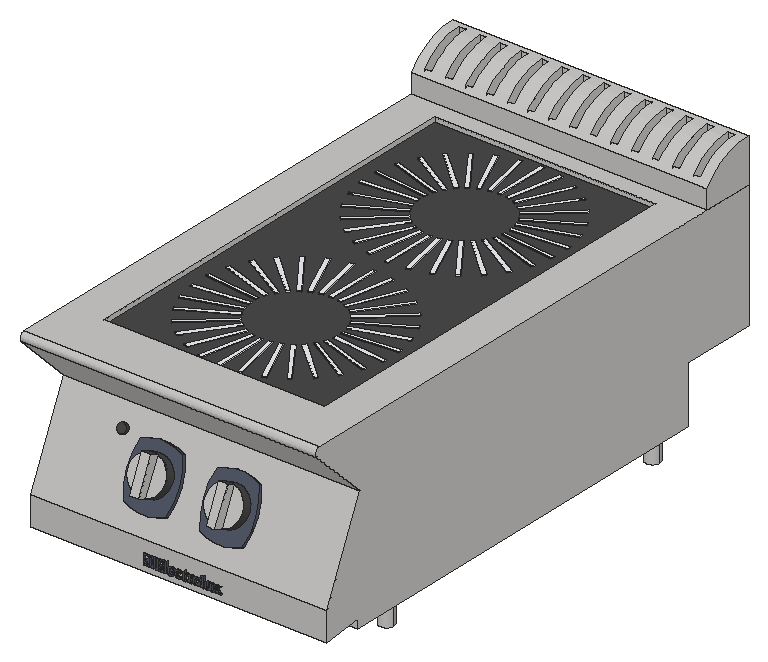
Revit family "QF_ELECTROLUXPROFESSIONAL_371133_E7IRED200N", category Specialty Equipment, Revit 2018
Family settings
  Round Connector Dimension = Use Diameter
  Part Type = Normal
  Work Plane-Based = No
  Always vertical = Yes
  Cut with Voids When Loaded = No
  Shared = No
  Room Calculation Point = No
Parameters
  Width = 400 mm  # constant formula
  Weight in Pounds = 33  # constant formula
  Watts = 4400 VA  # 4400 W
  Volts = 230 V  # constant formula
  URL Cutsheet = "www.electrolux.com/foodservice"
  URL = "www.electrolux.com/foodservice"
  Type Mark [instance] = ""
  Status [instance] = ""
  Specification by User [instance] = ""
  Specification by Manufacturer = ""
  Show Logo [instance] = yes
  Show Clearance [instance] = yes
  Serial Number = ""
  Seismic Rating = ""
  SMACNA No = ""
  Revision Code [instance] = ""
  Phase = 3  # constant formula
  Omniclass Number and Title = ""
  Number of Poles [instance] = 1
  NAFEM Spec ID Number = ""
  Model = "371033"
  Min Ckt Ampacity = 0 A
  Max Overcurrent Protection = 0 A
  Masterspec = ""
  Manufacturer = "ELECTROLUX"
  Item Number [instance] = ""
  Installed By [instance] = ""
  Identify Quantity as Lot [instance] = yes
  Height = 332 mm  # constant formula
  HP = "5.9 HP"
  Furnished By [instance] = ""
  Foodservice Equipment Identifier [instance] = yes
  FL Amps = if(Phase = 3, Watts / (Volts * 1.73), Watts / Volts)  # 11.0581 A
  Electrical Remarks [instance] = "230 V/3 ph/50/60 Hz"  # constant formula
  Electric Connection Type [instance] = ""
  Elec Conn RI Height [instance] = 0 mm
  Elec Conn Connection Height [instance] = 0 mm
  Direct Waste Size = 0"
  Description = "700XP 2 Zone Electric Infrared Cooking Top Range - 230V"
  Depth = 730 mm  # constant formula
  Cycle = if([60 Hertz Option], 60 Hz, 50 Hz)  # 60 Hz
  Conn Plug = ""
  Conn Conduit = yes
  CSI MasterFormat = ""
  CSI Master Format = ""
  Base Height [instance] = 24 mm  # constant formula
  Apparent Power = if(Phase = 3, Volts * FL Amps * 1.73, Volts * FL Amps)  # 4400 VA
  60 Hertz Option = not([50 Hertz Option])  # yes
  50 Hertz Option = no
Reference planes
  plane 1 "BACK": y = 0
  plane 2: z = 0
  plane 3 "LEFT": x = 0
  plane 4 "RIGHT": x = 400
  plane 5 "FRONT": y = -730
  plane 6 "TOP": z = 332
  plane 7 "Center Y": x = 200
  plane 8 "Center X": y = -365
  plane 9 "BASE": z = 24
  plane 10 "TOP A": z = 273.238
  plane 11: y = -597.884
  plane 12: y = -147.637
Forms (mm)
  Extrusion 1, solid, material "QF_Finishes_Stainless Steel"
    sketch origin (0, 0, 0) x (0, 1, 0) y (0, 0, 1)
      loop
        line (0, 273.237) -> (-725.027, 273.237)
        arc (-725.027, 273.237) -> (-730.893, 269.318) -> (-729.517, 262.397) r 6.35
        line (-729.517, 262.397) -> (-657.416, 190.047) -> (-713.522, 69.19) -> (-713.522, 31.09) -> (-660.4, 36.7) -> (-660.4, 24) -> (-101.6, 24) -> (-101.6, 101.788) -> (0, 101.788) -> (0, 273.237)
    from 0 to 400
  Extrusion 2, solid, material "QF_Finishes_Stainless Steel"
    sketch origin (0, 0, 0) x (0, 1, 0) y (0, 0, 1)
      loop
        line (0, 273.237) -> (0, 332)
        arc (0, 332) -> (-38.885, 323.609) -> (-69.85, 298.638) r 86.116
        line (-69.85, 298.638) -> (-69.85, 273.237) -> (0, 273.237)
    from 0 to 400
  Extrusion 3, void
    sketch origin (0, 0, 273.238) x (-1, 0, 0) y (0, -1, 0)
      loop
        line (-50, 93.262) -> (-50, 653.262) -> (-350, 653.262) -> (-350, 93.262) -> (-50, 93.262)
    from 0 to -6.35
  Extrusion 4, void
    sketch origin (0, 0, 273.238) x (-1, 0, 0) y (0, -1, 0)
      loop
        line (-13.453, 6.761) -> (-13.453, 63.911) -> (-22.749, 63.911) -> (-22.749, 6.761) -> (-13.453, 6.761)
    from 25.4 to 63.5
  Extrusion 5, void
    sketch origin (400.05, 0, 273.237) x (1, 0, 0) y (0, 1, 0)
      loop
        line (-13.503, -6.761) -> (-22.799, -6.761) -> (-22.799, -63.911) -> (-13.503, -63.911) -> (-13.503, -6.761)
    from 25.4 to 63.5
  Extrusion 6, void
    sketch origin (27.988, 0, 273.238) x (-1, 0, 0) y (0, -1, 0)
      loop
        line (-13.453, 6.761) -> (-13.453, 63.911) -> (-22.749, 63.911) -> (-22.749, 6.761) -> (-13.453, 6.761)
    from 25.4 to 63.5
  Extrusion 7, void
    sketch origin (55.977, 0, 273.238) x (-1, 0, 0) y (0, -1, 0)
      loop
        line (-13.453, 6.761) -> (-13.453, 63.911) -> (-22.749, 63.911) -> (-22.749, 6.761) -> (-13.453, 6.761)
    from 25.4 to 63.5
  Extrusion 8, void
    sketch origin (83.965, 0, 273.238) x (-1, 0, 0) y (0, -1, 0)
      loop
        line (-13.428, 6.761) -> (-13.428, 63.911) -> (-22.724, 63.911) -> (-22.724, 6.761) -> (-13.428, 6.761)
    from 25.4 to 63.5
  Extrusion 9, void
    sketch origin (111.953, 0, 273.238) x (-1, 0, 0) y (0, -1, 0)
      loop
        line (-13.428, 6.761) -> (-13.428, 63.911) -> (-22.724, 63.911) -> (-22.724, 6.761) -> (-13.428, 6.761)
    from 25.4 to 63.5
  Extrusion 10, void
    sketch origin (139.942, 0, 273.237) x (-1, 0, 0) y (0, -1, 0)
      loop
        line (-13.428, 6.761) -> (-13.428, 63.911) -> (-22.724, 63.911) -> (-22.724, 6.761) -> (-13.428, 6.761)
    from 25.4 to 63.5
  Extrusion 11, void
    sketch origin (167.93, 0, 273.237) x (-1, 0, 0) y (0, -1, 0)
      loop
        line (-13.428, 6.761) -> (-13.428, 63.911) -> (-22.724, 63.911) -> (-22.724, 6.761) -> (-13.428, 6.761)
    from 25.4 to 63.5
  Extrusion 12, void
    sketch origin (195.918, 0, 273.237) x (-1, 0, 0) y (0, -1, 0)
      loop
        line (-13.428, 6.761) -> (-13.428, 63.911) -> (-22.724, 63.911) -> (-22.724, 6.761) -> (-13.428, 6.761)
    from 25.4 to 63.5
  Extrusion 13, void
    sketch origin (223.907, 0, 273.237) x (-1, 0, 0) y (0, -1, 0)
      loop
        line (-13.428, 6.761) -> (-13.428, 63.911) -> (-22.724, 63.911) -> (-22.724, 6.761) -> (-13.428, 6.761)
    from 25.4 to 63.5
  Extrusion 14, void
    sketch origin (251.895, 0, 273.237) x (-1, 0, 0) y (0, -1, 0)
      loop
        line (-13.428, 6.761) -> (-13.428, 63.911) -> (-22.724, 63.911) -> (-22.724, 6.761) -> (-13.428, 6.761)
    from 25.4 to 63.5
  Extrusion 15, void
    sketch origin (279.884, 0, 273.237) x (-1, 0, 0) y (0, -1, 0)
      loop
        line (-13.403, 6.761) -> (-13.403, 63.911) -> (-22.699, 63.911) -> (-22.699, 6.761) -> (-13.403, 6.761)
    from 25.4 to 63.5
  Extrusion 16, void
    sketch origin (307.872, 0, 273.237) x (-1, 0, 0) y (0, -1, 0)
      loop
        line (-13.403, 6.761) -> (-13.403, 63.911) -> (-22.699, 63.911) -> (-22.699, 6.761) -> (-13.403, 6.761)
    from 25.4 to 63.5
  Extrusion 17, void
    sketch origin (335.86, 0, 273.237) x (-1, 0, 0) y (0, -1, 0)
      loop
        line (-13.403, 6.761) -> (-13.403, 63.911) -> (-22.699, 63.911) -> (-22.699, 6.761) -> (-13.403, 6.761)
    from 25.4 to 63.5
  Extrusion 18, solid, material "QF_Finishes_Stainless Steel"
    sketch origin (0, 0, 0) x (1, 0, 0) y (0, 1, 0)
      loop
        circle (11.112, -147.638) r 9.525
      loop
        circle (11.112, -597.884) r 9.525
      loop
        circle (388.887, -147.638) r 9.525
      loop
        circle (388.887, -597.884) r 9.525
    from 0 to 24
  Extrusion 19, solid, material "QF_Finishes_Navy Blue"
    sketch origin (-15.325, -713.522, 69.19) x (0, 0.421077, 0.907025) y (-1, 0, 0)
      loop
        arc (101.077, -132.565) -> (66.2, -125.548) -> (31.333, -132.61) r 89.894
        arc (31.333, -132.61) -> (24.638, -161.14) -> (31.333, -189.671) r 64.14
        arc (31.333, -189.671) -> (66.2, -196.736) -> (101.077, -189.715) r 89.853
        arc (101.077, -189.715) -> (107.792, -161.14) -> (101.077, -132.565) r 64.16
    from 0 to 3.175
  Extrusion 20, solid, material "QF_Finishes_Stainless Steel"
    sketch origin (-15.325, -716.402, 70.527) x (0, 0.421077, 0.907025) y (-1, 0, 0)
      loop
        circle (68.826, -160.963) r 25.4
    from 0 to 12.7
  Extrusion 21, solid, material "QF_Finishes_Stainless Steel"
    sketch origin (-15.325, -727.921, 75.875) x (0, 0.421077, 0.907025) y (-1, 0, 0)
      loop
        arc (93.558, -166.749) -> (94.226, -160.963) -> (93.558, -155.177) r 25.4
        line (93.558, -155.177) -> (44.094, -155.177)
        arc (44.094, -155.177) -> (43.426, -160.963) -> (44.094, -166.749) r 25.4
        line (44.094, -166.749) -> (93.558, -166.749)
    from 0 to 12.7
  Extrusion 22, solid, material "QF_Finishes_Black"
    sketch origin (-70, -709.311, 78.261) x (0, 0.421077, 0.907025) y (-1, 0, 0)
      loop
        circle (93.566, -160.648) r 6.35
    from 0 to 3.175
  Extrusion 23, solid, material "QF_Finishes_Stainless Steel"
    sketch origin (0, -101.6, 101.788) x (0, 0, -1) y (-1, 0, 0)
      loop
        circle (43.882, -336.5) r 12.7
    from 0 to 12.7
  Extrusion 24, solid, material "QF_Finishes_Clearance", visible <- "Show Clearance", detail levels coarse
    sketch origin (0, 0, 0) x (1, 0, 0) y (0, 1, 0)
      loop
        line (0, -731.377) -> (0, 0) -> (400, 0) -> (400, -731.377) -> (550.019, -731.377) -> (550.019, 150.019) -> (-150.019, 150.019) -> (-150.019, -731.377) -> (0, -731.377)
    from 0 to 332
  Extrusion 25, solid, material "QF_Finishes_Navy Blue", visible <- "Show Logo"
    sketch origin (-134.192, -713.772, 32.49) x (0, 0, 1) y (-1, 0, 0)
      loop
        line (20.674, -296.698) -> (8.307, -296.698)
        arc (8.307, -296.698) -> (14.491, -301.27) -> (20.674, -296.698) r 6.467
      loop
        arc (20.674, -296.069) -> (19.505, -290.926) -> (14.849, -288.448) r 6.338
        line (14.849, -288.448) -> (14.849, -290.494)
        arc (14.849, -290.494) -> (16.333, -294.149) -> (19.778, -296.069) r 5.941
        line (19.778, -296.069) -> (20.674, -296.069)
      loop
        arc (9.203, -296.069) -> (12.648, -294.149) -> (14.132, -290.494) r 5.941
        line (14.132, -290.494) -> (14.132, -288.448)
        arc (14.132, -288.448) -> (9.438, -290.922) -> (8.148, -296.069) r 6.504
        line (8.148, -296.069) -> (9.203, -296.069)
      loop
        line (21.349, -287.979) -> (7.604, -287.979) -> (7.604, -301.742) -> (21.349, -301.742) -> (21.349, -287.979)
      loop
        arc (21.432, -304.71) -> (21.085, -304.352) -> (20.718, -304.69) r 0.358
        arc (20.718, -304.69) -> (20.404, -305.44) -> (19.687, -305.825) r 1.216
        line (19.687, -305.825) -> (9.274, -305.825)
        arc (9.274, -305.825) -> (8.614, -305.548) -> (8.218, -304.951) r 1.238
        arc (8.218, -304.951) -> (7.823, -304.7) -> (7.518, -305.054) r 0.358
        line (7.518, -305.054) -> (7.518, -314.933) -> (10.269, -314.933) -> (10.269, -314.036)
        arc (10.269, -314.036) -> (9.36, -313.456) -> (8.904, -312.479) r 1.928
        line (8.904, -312.479) -> (8.904, -309.98)
        arc (8.904, -309.98) -> (9.18, -309.251) -> (9.868, -308.887) r 1.101
        line (9.868, -308.887) -> (13.955, -308.887) -> (13.955, -312.561)
        arc (13.955, -312.561) -> (13.602, -313.058) -> (13.037, -313.286) r 1.083
        arc (13.037, -313.286) -> (12.773, -313.591) -> (13.065, -313.869) r 0.292
        line (13.065, -313.869) -> (16.028, -313.869)
        arc (16.028, -313.869) -> (16.33, -313.596) -> (16.092, -313.266) r 0.305
        arc (16.092, -313.266) -> (15.601, -313.018) -> (15.296, -312.561) r 1.083
        line (15.296, -312.561) -> (15.296, -308.887) -> (19.973, -308.887) -> (19.973, -312.635)
        arc (19.973, -312.635) -> (19.759, -313.39) -> (19.153, -313.888) r 1.314
        arc (19.153, -313.888) -> (18.934, -314.292) -> (19.288, -314.585) r 0.361
        line (19.288, -314.585) -> (21.432, -314.585) -> (21.432, -304.71)
      loop
        arc (20.715, -315.365) -> (20.335, -316.284) -> (19.416, -316.664) r 1.299
        line (19.416, -316.664) -> (9.837, -316.664)
        arc (9.837, -316.664) -> (8.999, -316.286) -> (8.728, -315.408) r 1.118
        line (8.728, -315.408) -> (7.518, -315.408) -> (7.518, -320.758) -> (8.706, -320.758)
        arc (8.706, -320.758) -> (8.978, -319.841) -> (9.848, -319.445) r 1.153
        line (9.848, -319.445) -> (21.92, -319.445) -> (20.715, -315.365)
      loop
        line (12.483, -323.394) -> (12.483, -329.842) -> (13.282, -329.842)
        arc (13.282, -329.842) -> (15.862, -328.857) -> (17.131, -326.404) r 3.874
        line (17.131, -326.404) -> (17.131, -324.643)
        arc (17.131, -324.643) -> (15.944, -321.778) -> (13.08, -320.592) r 4.051
        line (13.08, -320.592) -> (11.072, -320.592)
        arc (11.072, -320.592) -> (8.253, -322.077) -> (7.202, -325.084) r 4.352
        arc (7.202, -325.084) -> (7.566, -327.547) -> (8.943, -329.621) r 5.713
        line (8.943, -329.621) -> (9.892, -329.621)
        arc (9.892, -329.621) -> (9.16, -328.052) -> (8.943, -326.334) r 5.579
        arc (8.943, -326.334) -> (9.737, -324.371) -> (11.616, -323.394) r 3.057
        line (11.616, -323.394) -> (12.483, -323.394)
      loop
        line (13.742, -323.394) -> (13.742, -326.977)
        arc (13.742, -326.977) -> (15.199, -327.024) -> (16.082, -325.864) r 1.59
        line (16.082, -325.864) -> (16.082, -325.034)
        arc (16.082, -325.034) -> (15.217, -323.779) -> (13.742, -323.394) r 2.184
      loop
        arc (16.533, -339.259) -> (17.022, -337.585) -> (17.179, -335.848) r 9.023
        line (17.179, -335.848) -> (17.179, -334.486)
        arc (17.179, -334.486) -> (16.02, -331.686) -> (13.22, -330.527) r 3.959
        line (13.22, -330.527) -> (10.62, -330.527)
        arc (10.62, -330.527) -> (8.338, -331.819) -> (7.221, -334.192) r 4.331
        line (7.221, -334.192) -> (7.221, -336.327)
        arc (7.221, -336.327) -> (7.729, -337.877) -> (8.651, -339.223) r 5.772
        arc (8.651, -339.223) -> (9.412, -339.274) -> (9.499, -338.515) r 0.553
        arc (9.499, -338.515) -> (9.111, -337.781) -> (8.977, -336.962) r 2.573
        line (8.977, -336.962) -> (8.977, -335.447)
        arc (8.977, -335.447) -> (9.983, -333.806) -> (11.798, -333.163) r 2.884
        line (11.798, -333.163) -> (13.077, -333.163)
        arc (13.077, -333.163) -> (14.898, -333.723) -> (15.824, -335.388) r 2.554
        line (15.824, -335.388) -> (15.824, -336.441)
        arc (15.824, -336.441) -> (15.493, -337.369) -> (14.836, -338.104) r 2.564
        arc (14.836, -338.104) -> (14.614, -338.821) -> (15.223, -339.259) r 0.643
        line (15.223, -339.259) -> (16.533, -339.259)
      loop
        line (15.515, -339.53) -> (15.515, -341.031) -> (9.467, -341.031)
        arc (9.467, -341.031) -> (7.879, -341.688) -> (7.221, -343.276) r 2.246
        line (7.221, -343.276) -> (7.221, -344.86)
        arc (7.221, -344.86) -> (7.535, -345.725) -> (8.035, -346.496) r 4.06
        arc (8.035, -346.496) -> (8.768, -346.629) -> (9.019, -345.928) r 0.576
        arc (9.019, -345.928) -> (8.913, -345.403) -> (8.977, -344.87) r 1.69
        arc (8.977, -344.87) -> (9.519, -344.082) -> (10.425, -343.779) r 1.506
        line (10.425, -343.779) -> (15.563, -343.779) -> (15.563, -346.176) -> (16.119, -346.733) -> (16.941, -346.733) -> (16.941, -343.873) -> (20.172, -343.873) -> (15.515, -339.53)
      loop
        line (7.438, -347.63) -> (7.438, -353.017) -> (8.548, -353.017)
        arc (8.548, -353.017) -> (8.942, -352.066) -> (9.893, -351.672) r 1.345
        line (9.893, -351.672) -> (13.509, -351.672)
        arc (13.509, -351.672) -> (14.274, -352.264) -> (14.564, -353.186) r 1.615
        line (14.564, -353.186) -> (14.564, -354.742) -> (17.119, -355.427) -> (17.119, -354.044) -> (15.177, -351.485) -> (17.057, -351.485) -> (16.773, -348.779)
        arc (16.773, -348.779) -> (16.333, -348.249) -> (15.674, -348.45) r 0.621
        arc (15.674, -348.45) -> (15.274, -348.792) -> (14.78, -348.975) r 1.501
        line (14.78, -348.975) -> (9.893, -348.975)
        arc (9.893, -348.975) -> (8.942, -348.581) -> (8.548, -347.63) r 1.345
        line (8.548, -347.63) -> (7.438, -347.63)
      loop
        line (13.54, -354.964) -> (10.848, -354.964)
        arc (10.848, -354.964) -> (8.403, -356.272) -> (7.269, -358.803) r 4.288
        arc (7.269, -358.803) -> (7.205, -360.183) -> (7.269, -361.563) r 15.022
        arc (7.269, -361.563) -> (8.403, -364.094) -> (10.848, -365.401) r 4.288
        line (10.848, -365.401) -> (13.54, -365.401)
        arc (13.54, -365.401) -> (15.986, -364.094) -> (17.119, -361.563) r 4.288
        arc (17.119, -361.563) -> (17.183, -360.183) -> (17.119, -358.803) r 15.022
        arc (17.119, -358.803) -> (15.986, -356.272) -> (13.54, -354.964) r 4.288
      loop
        line (13.745, -358.078) -> (10.643, -358.078)
        arc (10.643, -358.078) -> (8.486, -360.235) -> (10.643, -362.392) r 2.157
        line (10.643, -362.392) -> (13.745, -362.392)
        arc (13.745, -362.392) -> (15.902, -360.235) -> (13.745, -358.078) r 2.157
      loop
        arc (20.726, -365.26) -> (20.355, -366.154) -> (19.461, -366.524) r 1.264
        line (19.461, -366.524) -> (9.597, -366.524)
        arc (9.597, -366.524) -> (8.727, -366.127) -> (8.455, -365.211) r 1.153
        line (8.455, -365.211) -> (7.518, -365.211) -> (7.518, -370.319) -> (8.446, -370.319)
        arc (8.446, -370.319) -> (8.805, -369.547) -> (9.597, -369.232) r 1.153
        line (9.597, -369.232) -> (21.92, -369.232) -> (20.726, -365.26)
      loop
        arc (15.846, -369.857) -> (15.647, -370.921) -> (14.678, -371.403) r 1.215
        line (14.678, -371.403) -> (9.658, -371.403)
        arc (9.658, -371.403) -> (8.043, -372.051) -> (7.322, -373.634) r 2.338
        line (7.322, -373.634) -> (7.322, -375.148)
        arc (7.322, -375.148) -> (7.497, -376.152) -> (7.999, -377.038) r 2.979
        line (7.999, -377.038) -> (7.518, -378.835) -> (7.518, -380.524) -> (16.943, -380.524) -> (16.649, -376.32) -> (15.863, -376.32)
        arc (15.863, -376.32) -> (15.507, -377.156) -> (14.755, -377.665) r 1.605
        line (14.755, -377.665) -> (9.652, -377.665)
        arc (9.652, -377.665) -> (9.232, -376.728) -> (9.159, -375.704) r 2.94
        arc (9.159, -375.704) -> (9.72, -374.603) -> (10.873, -374.16) r 1.724
        line (10.873, -374.16) -> (17.07, -374.16) -> (15.846, -369.857)
      loop
        line (16.874, -381.377) -> (15.202, -383.423) -> (12.028, -385.729) -> (8.572, -382.617)
        arc (8.572, -382.617) -> (8.335, -382.223) -> (8.357, -381.764) r 0.789
        line (8.357, -381.764) -> (7.518, -381.764) -> (7.518, -385.309) -> (8.344, -385.309)
        arc (8.344, -385.309) -> (8.686, -384.947) -> (9.176, -385.039) r 0.52
        line (9.176, -385.039) -> (10.976, -386.51) -> (8.858, -387.886)
        arc (8.858, -387.886) -> (8.457, -387.576) -> (8.37, -387.076) r 0.7
        line (8.37, -387.076) -> (7.518, -387.076) -> (7.518, -393.003) -> (8.405, -393.003)
        arc (8.405, -393.003) -> (8.472, -392.344) -> (8.866, -391.813) r 1.247
        line (8.866, -391.813) -> (13.066, -388.532) -> (15.513, -390.585) -> (16.874, -392.327) -> (16.874, -388.604) -> (15.389, -389.026) -> (13.868, -387.749) -> (15.568, -386.559) -> (16.874, -387.336) -> (16.874, -381.377)
    from 0 to 1.644
  Extrusion 26, solid, material "QF_Finishes_White"
    sketch origin (0, 0, 266.887) x (-1, 0, 0) y (0, -1, 0)
      loop
        line (-196.926, 361.478) -> (-201.926, 361.478) -> (-201.926, 288.082) -> (-196.926, 288.082) -> (-196.926, 361.478)
    from 0 to 0.8
  Extrusion 27, solid, material "QF_Finishes_White"
    sketch origin (52.177, 36.558, 266.887) x (-0.978148, 0.207912, 0) y (-0.207912, -0.978148, 0)
      loop
        line (-196.926, 361.478) -> (-201.926, 361.478) -> (-201.926, 288.082) -> (-196.926, 288.082) -> (-196.926, 361.478)
    from 0 to 0.8
  Extrusion 28, solid, material "QF_Finishes_White"
    sketch origin (-43.436, -46.607, 266.887) x (-0.978148, -0.207912, 0) y (0.207912, -0.978148, 0)
      loop
        line (-196.926, 361.478) -> (-201.926, 361.478) -> (-201.926, 288.082) -> (-196.926, 288.082) -> (-196.926, 361.478)
    from 0 to 0.8
  Extrusion 29, solid, material "QF_Finishes_White"
    sketch origin (-76.233, -101.226, 266.887) x (-0.913545, -0.406737, 0) y (0.406737, -0.913545, 0)
      loop
        line (-196.926, 361.478) -> (-201.926, 361.478) -> (-201.926, 288.082) -> (-196.926, 288.082) -> (-196.926, 361.478)
    from 0 to 0.8
  Extrusion 30, solid, material "QF_Finishes_White"
    sketch origin (-96.957, -161.471, 266.887) x (-0.809017, -0.587785, 0) y (0.587785, -0.809017, 0)
      loop
        line (-196.926, 361.478) -> (-201.926, 361.478) -> (-201.926, 288.082) -> (-196.926, 288.082) -> (-196.926, 361.478)
    from 0 to 0.8
  Extrusion 31, solid, material "QF_Finishes_White"
    sketch origin (-104.703, -224.708, 266.887) x (-0.669131, -0.743145, 0) y (0.743145, -0.669131, 0)
      loop
        line (-196.926, 361.478) -> (-201.926, 361.478) -> (-201.926, 288.082) -> (-196.926, 288.082) -> (-196.926, 361.478)
    from 0 to 0.8
  Extrusion 32, solid, material "QF_Finishes_White"
    sketch origin (-99.132, -288.174, 266.887) x (-0.5, -0.866025, 0) y (0.866025, -0.5, 0)
      loop
        line (-196.926, 361.478) -> (-201.926, 361.478) -> (-201.926, 288.082) -> (-196.926, 288.082) -> (-196.926, 361.478)
    from 0 to 0.8
  Extrusion 33, solid, material "QF_Finishes_White"
    sketch origin (-80.487, -349.094, 266.887) x (-0.309017, -0.951057, 0) y (0.951057, -0.309017, 0)
      loop
        line (-196.926, 361.478) -> (-201.926, 361.478) -> (-201.926, 288.082) -> (-196.926, 288.082) -> (-196.926, 361.478)
    from 0 to 0.8
  Extrusion 34, solid, material "QF_Finishes_White"
    sketch origin (-49.583, -404.807, 266.887) x (-0.104528, -0.994522, 0) y (0.994522, -0.104528, 0)
      loop
        line (-196.926, 361.478) -> (-201.926, 361.478) -> (-201.926, 288.082) -> (-196.926, 288.082) -> (-196.926, 361.478)
    from 0 to 0.8
  Extrusion 35, solid, material "QF_Finishes_White"
    sketch origin (-7.772, -452.877, 266.887) x (0.104528, -0.994522, 0) y (0.994522, 0.104528, 0)
      loop
        line (-196.926, 361.478) -> (-201.926, 361.478) -> (-201.926, 288.082) -> (-196.926, 288.082) -> (-196.926, 361.478)
    from 0 to 0.8
  Extrusion 36, solid, material "QF_Finishes_White"
    sketch origin (43.12, -491.203, 266.887) x (0.309017, -0.951057, 0) y (0.951057, 0.309017, 0)
      loop
        line (-196.926, 361.478) -> (-201.926, 361.478) -> (-201.926, 288.082) -> (-196.926, 288.082) -> (-196.926, 361.478)
    from 0 to 0.8
  Extrusion 37, solid, material "QF_Finishes_White"
    sketch origin (100.868, -518.111, 266.887) x (0.5, -0.866025, 0) y (0.866025, 0.5, 0)
      loop
        line (-196.926, 361.478) -> (-201.926, 361.478) -> (-201.926, 288.082) -> (-196.926, 288.082) -> (-196.926, 361.478)
    from 0 to 0.8
  Extrusion 38, solid, material "QF_Finishes_White"
    sketch origin (162.949, -532.424, 266.887) x (0.669131, -0.743145, 0) y (0.743145, 0.669131, 0)
      loop
        line (-196.926, 361.478) -> (-201.926, 361.478) -> (-201.926, 288.082) -> (-196.926, 288.082) -> (-196.926, 361.478)
    from 0 to 0.8
  Extrusion 39, solid, material "QF_Finishes_White"
    sketch origin (226.65, -533.518, 266.887) x (0.809017, -0.587785, 0) y (0.587785, 0.809017, 0)
      loop
        line (-196.926, 361.478) -> (-201.926, 361.478) -> (-201.926, 288.082) -> (-196.926, 288.082) -> (-196.926, 361.478)
    from 0 to 0.8
  Extrusion 40, solid, material "QF_Finishes_White"
    sketch origin (289.185, -521.343, 266.887) x (0.913545, -0.406737, 0) y (0.406737, 0.913545, 0)
      loop
        line (-196.926, 361.478) -> (-201.926, 361.478) -> (-201.926, 288.082) -> (-196.926, 288.082) -> (-196.926, 361.478)
    from 0 to 0.8
  Extrusion 41, solid, material "QF_Finishes_White"
    sketch origin (347.823, -496.432, 266.887) x (0.978148, -0.207912, 0) y (0.207912, 0.978148, 0)
      loop
        line (-196.926, 361.478) -> (-201.926, 361.478) -> (-201.926, 288.082) -> (-196.926, 288.082) -> (-196.926, 361.478)
    from 0 to 0.8
  Extrusion 42, solid, material "QF_Finishes_White"
    sketch origin (400, -459.875, 266.887) x (1, 0, 0) y (0, 1, 0)
      loop
        line (-196.926, 361.478) -> (-201.926, 361.478) -> (-201.926, 288.082) -> (-196.926, 288.082) -> (-196.926, 361.478)
    from 0 to 0.8
  Extrusion 43, solid, material "QF_Finishes_White"
    sketch origin (443.436, -413.268, 266.887) x (0.978148, 0.207912, 0) y (-0.207912, 0.978148, 0)
      loop
        line (-196.926, 361.478) -> (-201.926, 361.478) -> (-201.926, 288.082) -> (-196.926, 288.082) -> (-196.926, 361.478)
    from 0 to 0.8
  Extrusion 44, solid, material "QF_Finishes_White"
    sketch origin (476.233, -358.648, 266.887) x (0.913545, 0.406737, 0) y (-0.406737, 0.913545, 0)
      loop
        line (-196.926, 361.478) -> (-201.926, 361.478) -> (-201.926, 288.082) -> (-196.926, 288.082) -> (-196.926, 361.478)
    from 0 to 0.8
  Extrusion 45, solid, material "QF_Finishes_White"
    sketch origin (496.957, -298.403, 266.887) x (0.809017, 0.587785, 0) y (-0.587785, 0.809017, 0)
      loop
        line (-196.926, 361.478) -> (-201.926, 361.478) -> (-201.926, 288.082) -> (-196.926, 288.082) -> (-196.926, 361.478)
    from 0 to 0.8
  Extrusion 46, solid, material "QF_Finishes_White"
    sketch origin (504.703, -235.166, 266.887) x (0.669131, 0.743145, 0) y (-0.743145, 0.669131, 0)
      loop
        line (-196.926, 361.478) -> (-201.926, 361.478) -> (-201.926, 288.082) -> (-196.926, 288.082) -> (-196.926, 361.478)
    from 0 to 0.8
  Extrusion 47, solid, material "QF_Finishes_White"
    sketch origin (499.132, -171.701, 266.887) x (0.5, 0.866025, 0) y (-0.866025, 0.5, 0)
      loop
        line (-196.926, 361.478) -> (-201.926, 361.478) -> (-201.926, 288.082) -> (-196.926, 288.082) -> (-196.926, 361.478)
    from 0 to 0.8
  Extrusion 48, solid, material "QF_Finishes_White"
    sketch origin (480.487, -110.781, 266.887) x (0.309017, 0.951057, 0) y (-0.951057, 0.309017, 0)
      loop
        line (-196.926, 361.478) -> (-201.926, 361.478) -> (-201.926, 288.082) -> (-196.926, 288.082) -> (-196.926, 361.478)
    from 0 to 0.8
  Extrusion 49, solid, material "QF_Finishes_White"
    sketch origin (449.583, -55.068, 266.887) x (0.104528, 0.994522, 0) y (-0.994522, 0.104528, 0)
      loop
        line (-196.926, 361.478) -> (-201.926, 361.478) -> (-201.926, 288.082) -> (-196.926, 288.082) -> (-196.926, 361.478)
    from 0 to 0.8
  Extrusion 50, solid, material "QF_Finishes_White"
    sketch origin (407.772, -6.998, 266.887) x (-0.104528, 0.994522, 0) y (-0.994522, -0.104528, 0)
      loop
        line (-196.926, 361.478) -> (-201.926, 361.478) -> (-201.926, 288.082) -> (-196.926, 288.082) -> (-196.926, 361.478)
    from 0 to 0.8
  Extrusion 51, solid, material "QF_Finishes_White"
    sketch origin (356.88, 31.329, 266.887) x (-0.309017, 0.951057, 0) y (-0.951057, -0.309017, 0)
      loop
        line (-196.926, 361.478) -> (-201.926, 361.478) -> (-201.926, 288.082) -> (-196.926, 288.082) -> (-196.926, 361.478)
    from 0 to 0.8
  Extrusion 52, solid, material "QF_Finishes_White"
    sketch origin (299.132, 58.236, 266.887) x (-0.5, 0.866025, 0) y (-0.866025, -0.5, 0)
      loop
        line (-196.926, 361.478) -> (-201.926, 361.478) -> (-201.926, 288.082) -> (-196.926, 288.082) -> (-196.926, 361.478)
    from 0 to 0.8
  Extrusion 53, solid, material "QF_Finishes_White"
    sketch origin (237.051, 72.55, 266.887) x (-0.669131, 0.743145, 0) y (-0.743145, -0.669131, 0)
      loop
        line (-196.926, 361.478) -> (-201.926, 361.478) -> (-201.926, 288.082) -> (-196.926, 288.082) -> (-196.926, 361.478)
    from 0 to 0.8
  Extrusion 54, solid, material "QF_Finishes_White"
    sketch origin (173.35, 73.643, 266.887) x (-0.809017, 0.587785, 0) y (-0.587785, -0.809017, 0)
      loop
        line (-196.926, 361.478) -> (-201.926, 361.478) -> (-201.926, 288.082) -> (-196.926, 288.082) -> (-196.926, 361.478)
    from 0 to 0.8
  Extrusion 55, solid, material "QF_Finishes_White"
    sketch origin (110.815, 61.468, 266.887) x (-0.913545, 0.406737, 0) y (-0.406737, -0.913545, 0)
      loop
        line (-196.926, 361.478) -> (-201.926, 361.478) -> (-201.926, 288.082) -> (-196.926, 288.082) -> (-196.926, 361.478)
    from 0 to 0.8
  Extrusion 56, solid, material "QF_Finishes_White"
    sketch origin (0, -285, 266.887) x (-1, 0, 0) y (0, -1, 0)
      loop
        line (-196.926, 361.478) -> (-201.926, 361.478) -> (-201.926, 288.082) -> (-196.926, 288.082) -> (-196.926, 361.478)
    from 0 to 0.8
  Extrusion 57, solid, material "QF_Finishes_White"
    sketch origin (52.177, -248.442, 266.887) x (-0.978148, 0.207912, 0) y (-0.207912, -0.978148, 0)
      loop
        line (-196.926, 361.478) -> (-201.926, 361.478) -> (-201.926, 288.082) -> (-196.926, 288.082) -> (-196.926, 361.478)
    from 0 to 0.8
  Extrusion 58, solid, material "QF_Finishes_White"
    sketch origin (-43.436, -331.607, 266.887) x (-0.978148, -0.207912, 0) y (0.207912, -0.978148, 0)
      loop
        line (-196.926, 361.478) -> (-201.926, 361.478) -> (-201.926, 288.082) -> (-196.926, 288.082) -> (-196.926, 361.478)
    from 0 to 0.8
  Extrusion 59, solid, material "QF_Finishes_White"
    sketch origin (-76.233, -386.226, 266.887) x (-0.913545, -0.406737, 0) y (0.406737, -0.913545, 0)
      loop
        line (-196.926, 361.478) -> (-201.926, 361.478) -> (-201.926, 288.082) -> (-196.926, 288.082) -> (-196.926, 361.478)
    from 0 to 0.8
  Extrusion 60, solid, material "QF_Finishes_White"
    sketch origin (-96.957, -446.471, 266.887) x (-0.809017, -0.587785, 0) y (0.587785, -0.809017, 0)
      loop
        line (-196.926, 361.478) -> (-201.926, 361.478) -> (-201.926, 288.082) -> (-196.926, 288.082) -> (-196.926, 361.478)
    from 0 to 0.8
  Extrusion 61, solid, material "QF_Finishes_White"
    sketch origin (-104.703, -509.708, 266.887) x (-0.669131, -0.743145, 0) y (0.743145, -0.669131, 0)
      loop
        line (-196.926, 361.478) -> (-201.926, 361.478) -> (-201.926, 288.082) -> (-196.926, 288.082) -> (-196.926, 361.478)
    from 0 to 0.8
  Extrusion 62, solid, material "QF_Finishes_White"
    sketch origin (-99.132, -573.174, 266.887) x (-0.5, -0.866025, 0) y (0.866025, -0.5, 0)
      loop
        line (-196.926, 361.478) -> (-201.926, 361.478) -> (-201.926, 288.082) -> (-196.926, 288.082) -> (-196.926, 361.478)
    from 0 to 0.8
  Extrusion 63, solid, material "QF_Finishes_White"
    sketch origin (-80.487, -634.094, 266.887) x (-0.309017, -0.951057, 0) y (0.951057, -0.309017, 0)
      loop
        line (-196.926, 361.478) -> (-201.926, 361.478) -> (-201.926, 288.082) -> (-196.926, 288.082) -> (-196.926, 361.478)
    from 0 to 0.8
  Extrusion 64, solid, material "QF_Finishes_White"
    sketch origin (-49.583, -689.807, 266.887) x (-0.104528, -0.994522, 0) y (0.994522, -0.104528, 0)
      loop
        line (-196.926, 361.478) -> (-201.926, 361.478) -> (-201.926, 288.082) -> (-196.926, 288.082) -> (-196.926, 361.478)
    from 0 to 0.8
  Extrusion 65, solid, material "QF_Finishes_White"
    sketch origin (-7.772, -737.877, 266.887) x (0.104528, -0.994522, 0) y (0.994522, 0.104528, 0)
      loop
        line (-196.926, 361.478) -> (-201.926, 361.478) -> (-201.926, 288.082) -> (-196.926, 288.082) -> (-196.926, 361.478)
    from 0 to 0.8
  Extrusion 66, solid, material "QF_Finishes_White"
    sketch origin (43.12, -776.203, 266.887) x (0.309017, -0.951057, 0) y (0.951057, 0.309017, 0)
      loop
        line (-196.926, 361.478) -> (-201.926, 361.478) -> (-201.926, 288.082) -> (-196.926, 288.082) -> (-196.926, 361.478)
    from 0 to 0.8
  Extrusion 67, solid, material "QF_Finishes_White"
    sketch origin (100.868, -803.111, 266.887) x (0.5, -0.866025, 0) y (0.866025, 0.5, 0)
      loop
        line (-196.926, 361.478) -> (-201.926, 361.478) -> (-201.926, 288.082) -> (-196.926, 288.082) -> (-196.926, 361.478)
    from 0 to 0.8
  Extrusion 68, solid, material "QF_Finishes_White"
    sketch origin (162.949, -817.424, 266.887) x (0.669131, -0.743145, 0) y (0.743145, 0.669131, 0)
      loop
        line (-196.926, 361.478) -> (-201.926, 361.478) -> (-201.926, 288.082) -> (-196.926, 288.082) -> (-196.926, 361.478)
    from 0 to 0.8
  Extrusion 69, solid, material "QF_Finishes_White"
    sketch origin (226.65, -818.518, 266.887) x (0.809017, -0.587785, 0) y (0.587785, 0.809017, 0)
      loop
        line (-196.926, 361.478) -> (-201.926, 361.478) -> (-201.926, 288.082) -> (-196.926, 288.082) -> (-196.926, 361.478)
    from 0 to 0.8
  Extrusion 70, solid, material "QF_Finishes_White"
    sketch origin (289.185, -806.343, 266.887) x (0.913545, -0.406737, 0) y (0.406737, 0.913545, 0)
      loop
        line (-196.926, 361.478) -> (-201.926, 361.478) -> (-201.926, 288.082) -> (-196.926, 288.082) -> (-196.926, 361.478)
    from 0 to 0.8
  Extrusion 71, solid, material "QF_Finishes_White"
    sketch origin (347.823, -781.432, 266.887) x (0.978148, -0.207912, 0) y (0.207912, 0.978148, 0)
      loop
        line (-196.926, 361.478) -> (-201.926, 361.478) -> (-201.926, 288.082) -> (-196.926, 288.082) -> (-196.926, 361.478)
    from 0 to 0.8
  Extrusion 72, solid, material "QF_Finishes_White"
    sketch origin (400, -744.875, 266.887) x (1, 0, 0) y (0, 1, 0)
      loop
        line (-196.926, 361.478) -> (-201.926, 361.478) -> (-201.926, 288.082) -> (-196.926, 288.082) -> (-196.926, 361.478)
    from 0 to 0.8
  Extrusion 73, solid, material "QF_Finishes_White"
    sketch origin (443.436, -698.268, 266.887) x (0.978148, 0.207912, 0) y (-0.207912, 0.978148, 0)
      loop
        line (-196.926, 361.478) -> (-201.926, 361.478) -> (-201.926, 288.082) -> (-196.926, 288.082) -> (-196.926, 361.478)
    from 0 to 0.8
  Extrusion 74, solid, material "QF_Finishes_White"
    sketch origin (476.233, -643.648, 266.887) x (0.913545, 0.406737, 0) y (-0.406737, 0.913545, 0)
      loop
        line (-196.926, 361.478) -> (-201.926, 361.478) -> (-201.926, 288.082) -> (-196.926, 288.082) -> (-196.926, 361.478)
    from 0 to 0.8
  Extrusion 75, solid, material "QF_Finishes_White"
    sketch origin (496.957, -583.403, 266.887) x (0.809017, 0.587785, 0) y (-0.587785, 0.809017, 0)
      loop
        line (-196.926, 361.478) -> (-201.926, 361.478) -> (-201.926, 288.082) -> (-196.926, 288.082) -> (-196.926, 361.478)
    from 0 to 0.8
  Extrusion 76, solid, material "QF_Finishes_White"
    sketch origin (504.703, -520.166, 266.887) x (0.669131, 0.743145, 0) y (-0.743145, 0.669131, 0)
      loop
        line (-196.926, 361.478) -> (-201.926, 361.478) -> (-201.926, 288.082) -> (-196.926, 288.082) -> (-196.926, 361.478)
    from 0 to 0.8
  Extrusion 77, solid, material "QF_Finishes_White"
    sketch origin (499.132, -456.701, 266.887) x (0.5, 0.866025, 0) y (-0.866025, 0.5, 0)
      loop
        line (-196.926, 361.478) -> (-201.926, 361.478) -> (-201.926, 288.082) -> (-196.926, 288.082) -> (-196.926, 361.478)
    from 0 to 0.8
  Extrusion 78, solid, material "QF_Finishes_White"
    sketch origin (480.487, -395.781, 266.887) x (0.309017, 0.951057, 0) y (-0.951057, 0.309017, 0)
      loop
        line (-196.926, 361.478) -> (-201.926, 361.478) -> (-201.926, 288.082) -> (-196.926, 288.082) -> (-196.926, 361.478)
    from 0 to 0.8
  Extrusion 79, solid, material "QF_Finishes_White"
    sketch origin (449.583, -340.068, 266.887) x (0.104528, 0.994522, 0) y (-0.994522, 0.104528, 0)
      loop
        line (-196.926, 361.478) -> (-201.926, 361.478) -> (-201.926, 288.082) -> (-196.926, 288.082) -> (-196.926, 361.478)
    from 0 to 0.8
  Extrusion 80, solid, material "QF_Finishes_White"
    sketch origin (407.772, -291.998, 266.887) x (-0.104528, 0.994522, 0) y (-0.994522, -0.104528, 0)
      loop
        line (-196.926, 361.478) -> (-201.926, 361.478) -> (-201.926, 288.082) -> (-196.926, 288.082) -> (-196.926, 361.478)
    from 0 to 0.8
  Extrusion 81, solid, material "QF_Finishes_White"
    sketch origin (356.88, -253.671, 266.887) x (-0.309017, 0.951057, 0) y (-0.951057, -0.309017, 0)
      loop
        line (-196.926, 361.478) -> (-201.926, 361.478) -> (-201.926, 288.082) -> (-196.926, 288.082) -> (-196.926, 361.478)
    from 0 to 0.8
  Extrusion 82, solid, material "QF_Finishes_White"
    sketch origin (299.132, -226.764, 266.887) x (-0.5, 0.866025, 0) y (-0.866025, -0.5, 0)
      loop
        line (-196.926, 361.478) -> (-201.926, 361.478) -> (-201.926, 288.082) -> (-196.926, 288.082) -> (-196.926, 361.478)
    from 0 to 0.8
  Extrusion 83, solid, material "QF_Finishes_White"
    sketch origin (237.051, -212.45, 266.887) x (-0.669131, 0.743145, 0) y (-0.743145, -0.669131, 0)
      loop
        line (-196.926, 361.478) -> (-201.926, 361.478) -> (-201.926, 288.082) -> (-196.926, 288.082) -> (-196.926, 361.478)
    from 0 to 0.8
  Extrusion 84, solid, material "QF_Finishes_White"
    sketch origin (173.35, -211.357, 266.887) x (-0.809017, 0.587785, 0) y (-0.587785, -0.809017, 0)
      loop
        line (-196.926, 361.478) -> (-201.926, 361.478) -> (-201.926, 288.082) -> (-196.926, 288.082) -> (-196.926, 361.478)
    from 0 to 0.8
  Extrusion 85, solid, material "QF_Finishes_White"
    sketch origin (110.815, -223.532, 266.887) x (-0.913545, 0.406737, 0) y (-0.406737, -0.913545, 0)
      loop
        line (-196.926, 361.478) -> (-201.926, 361.478) -> (-201.926, 288.082) -> (-196.926, 288.082) -> (-196.926, 361.478)
    from 0 to 0.8
  Extrusion 86, solid, material "QF_Finishes_Navy Blue"
    sketch origin (410.325, -713.522, 69.19) x (0, 0.421077, 0.907025) y (-1, 0, 0)
      loop
        arc (101.077, 132.565) -> (107.792, 161.14) -> (101.077, 189.715) r 64.16
        arc (101.077, 189.715) -> (66.2, 196.736) -> (31.333, 189.671) r 89.853
        arc (31.333, 189.671) -> (24.638, 161.14) -> (31.333, 132.61) r 64.14
        arc (31.333, 132.61) -> (66.2, 125.548) -> (101.077, 132.565) r 89.894
    from 0 to 3.175
  Extrusion 87, solid, material "QF_Finishes_Stainless Steel"
    sketch origin (410.325, -716.402, 70.527) x (0, 0.421077, 0.907025) y (-1, 0, 0)
      loop
        circle (68.826, 160.963) r 25.4
    from 0 to 12.7
  Extrusion 88, solid, material "QF_Finishes_Stainless Steel"
    sketch origin (410.325, -727.921, 75.875) x (0, 0.421077, 0.907025) y (-1, 0, 0)
      loop
        line (93.558, 166.749) -> (44.094, 166.749)
        arc (44.094, 166.749) -> (43.426, 160.963) -> (44.094, 155.177) r 25.4
        line (44.094, 155.177) -> (93.558, 155.177)
        arc (93.558, 155.177) -> (94.226, 160.963) -> (93.558, 166.749) r 25.4
    from 0 to 12.7
Cuts and joins
  Extrusion 3, Extrusion 4 cuts Extrusion 1
  Extrusion 4, Extrusion 5, Extrusion 6, Extrusion 7, Extrusion 8, Extrusion 9, Extrusion 10, Extrusion 11, Extrusion 12, Extrusion 13, Extrusion 14, Extrusion 15, Extrusion 16, Extrusion 17 cuts Extrusion 2
  joined: Extrusion 20, Extrusion 21
Lines and regions (mm)
  symbolic lines, style "QF-Clearances", visible <- "Show Clearance", detail levels coarse
    curve 1: line (-150.019, 150.019, 273.238) -> (-150.019, -731.377, 273.238)
    curve 2: line (550.019, 150.019, 273.237) -> (-150.019, 150.019, 273.238)
    curve 3: line (550.019, -731.377, 273.237) -> (550.019, 150.019, 273.237)
  symbolic lines
    curve 4: line (0, 0, 273.238) -> (400, 0, 273.237)
    curve 5: line (0, -730, 273.238) -> (0, 0, 273.238)
    curve 6: line (400, 0, 273.237) -> (400, -730, 273.237)
    curve 7: line (22.724, -6.761, 273.238) -> (22.724, -63.911, 273.238)
    curve 8: line (22.724, -63.911, 273.238) -> (13.428, -63.911, 273.238)
    curve 9: line (13.428, -63.911, 273.238) -> (13.428, -6.761, 273.238)
    curve 10: line (13.428, -6.761, 273.238) -> (22.724, -6.761, 273.238)
    curve 11: line (386.547, -6.761, 273.237) -> (386.547, -63.911, 273.237)
    curve 12: line (386.547, -63.911, 273.237) -> (377.251, -63.911, 273.237)
    curve 13: line (377.251, -63.911, 273.237) -> (377.251, -6.761, 273.237)
    curve 14: line (377.251, -6.761, 273.237) -> (386.547, -6.761, 273.237)
    curve 15: line (50.712, -6.761, 273.238) -> (50.712, -63.911, 273.238)
    curve 16: line (50.712, -63.911, 273.238) -> (41.416, -63.911, 273.238)
    curve 17: line (41.416, -63.911, 273.238) -> (41.416, -6.761, 273.238)
    curve 18: line (41.416, -6.761, 273.238) -> (50.712, -6.761, 273.238)
    curve 19: line (78.7, -6.761, 273.238) -> (78.7, -63.911, 273.238)
    curve 20: line (78.7, -63.911, 273.238) -> (69.405, -63.911, 273.238)
    curve 21: line (69.405, -63.911, 273.238) -> (69.405, -6.761, 273.238)
    curve 22: line (69.405, -6.761, 273.238) -> (78.7, -6.761, 273.238)
    curve 23: line (106.689, -6.761, 273.238) -> (106.689, -63.911, 273.238)
    curve 24: line (106.689, -63.911, 273.238) -> (97.393, -63.911, 273.238)
    curve 25: line (97.393, -63.911, 273.238) -> (97.393, -6.761, 273.238)
    curve 26: line (97.393, -6.761, 273.238) -> (106.689, -6.761, 273.238)
    curve 27: line (134.677, -6.761, 273.237) -> (134.677, -63.911, 273.237)
    curve 28: line (134.677, -63.911, 273.237) -> (125.381, -63.911, 273.237)
    curve 29: line (125.381, -63.911, 273.237) -> (125.381, -6.761, 273.237)
    curve 30: line (125.381, -6.761, 273.237) -> (134.677, -6.761, 273.237)
    curve 31: line (162.665, -6.761, 273.237) -> (162.665, -63.911, 273.237)
    curve 32: line (162.665, -63.911, 273.237) -> (153.37, -63.911, 273.237)
    curve 33: line (153.37, -63.911, 273.237) -> (153.37, -6.761, 273.237)
    curve 34: line (153.37, -6.761, 273.237) -> (162.665, -6.761, 273.237)
    curve 35: line (190.654, -6.761, 273.237) -> (190.654, -63.911, 273.237)
    curve 36: line (190.654, -63.911, 273.237) -> (181.358, -63.911, 273.237)
    curve 37: line (181.358, -63.911, 273.237) -> (181.358, -6.761, 273.237)
    curve 38: line (181.358, -6.761, 273.237) -> (190.654, -6.761, 273.237)
    curve 39: line (218.642, -6.761, 273.237) -> (218.642, -63.911, 273.237)
    curve 40: line (218.642, -63.911, 273.237) -> (209.346, -63.911, 273.237)
    curve 41: line (209.346, -63.911, 273.237) -> (209.346, -6.761, 273.237)
    curve 42: line (209.346, -6.761, 273.237) -> (218.642, -6.761, 273.237)
    curve 43: line (246.605, -6.761, 273.237) -> (246.605, -63.911, 273.237)
    curve 44: line (246.605, -63.911, 273.237) -> (237.31, -63.911, 273.237)
    curve 45: line (237.31, -63.911, 273.237) -> (237.31, -6.761, 273.237)
    curve 46: line (237.31, -6.761, 273.237) -> (246.605, -6.761, 273.237)
    curve 47: line (274.594, -6.761, 273.237) -> (274.594, -63.911, 273.237)
    curve 48: line (274.594, -63.911, 273.237) -> (265.298, -63.911, 273.237)
    curve 49: line (265.298, -63.911, 273.237) -> (265.298, -6.761, 273.237)
    curve 50: line (265.298, -6.761, 273.237) -> (274.594, -6.761, 273.237)
    curve 51: line (302.582, -6.761, 273.237) -> (302.582, -63.911, 273.237)
    curve 52: line (302.582, -63.911, 273.237) -> (293.286, -63.911, 273.237)
    curve 53: line (293.286, -63.911, 273.237) -> (293.286, -6.761, 273.237)
    curve 54: line (293.286, -6.761, 273.237) -> (302.582, -6.761, 273.237)
    curve 55: line (330.57, -6.761, 273.237) -> (330.57, -63.911, 273.237)
    curve 56: line (330.57, -63.911, 273.237) -> (321.275, -63.911, 273.237)
    curve 57: line (321.275, -63.911, 273.237) -> (321.275, -6.761, 273.237)
    curve 58: line (321.275, -6.761, 273.237) -> (330.57, -6.761, 273.237)
    curve 59: line (358.559, -6.761, 273.237) -> (358.559, -63.911, 273.237)
    curve 60: line (358.559, -63.911, 273.237) -> (349.263, -63.911, 273.237)
    curve 61: line (349.263, -63.911, 273.237) -> (349.263, -6.761, 273.237)
    curve 62: line (349.263, -6.761, 273.237) -> (358.559, -6.761, 273.237)
    curve 63: line (31.725, -69.85, 273.238) -> (0, -69.85, 273.238)
    curve 64: line (0, -69.85, 273.238) -> (0, -120.65, 273.238)
    curve 65: line (0, -69.85, 273.238) -> (400, -69.85, 273.237)
    curve 66: line (400, -730, 273.237) -> (0, -730, 273.238)
    curve 67: line (326.512, -356.903, 266.887) -> (338.006, -356.903, 266.887)
    curve 68: line (326.512, -389.159, 266.887) -> (326.512, -356.903, 266.887)
    curve 69: line (338.006, -389.159, 266.887) -> (326.512, -389.159, 266.887)
    curve 70: line (338.006, -356.903, 266.887) -> (338.006, -389.159, 266.887)
    curve 71: line (50, -653.262, 266.888) -> (50, -93.262, 266.888)
    curve 72: line (50, -93.262, 266.888) -> (350, -93.262, 266.887)
    curve 73: line (350, -93.262, 266.887) -> (350, -653.262, 266.887)
    curve 74: line (350, -653.262, 266.887) -> (50, -653.262, 266.888)
    curve 75: line (201.926, -361.478, 266.887) -> (201.926, -288.082, 266.887)
    curve 76: line (201.926, -288.082, 266.887) -> (196.926, -288.082, 266.887)
    curve 77: line (196.926, -288.082, 266.887) -> (196.926, -361.478, 266.887)
    curve 78: line (196.926, -361.478, 266.887) -> (201.926, -361.478, 266.887)
    curve 79: line (174.535, -359.004, 266.887) -> (189.794, -287.212, 266.887)
    curve 80: line (189.794, -287.212, 266.887) -> (184.904, -286.172, 266.887)
    curve 81: line (184.904, -286.172, 266.887) -> (169.644, -357.964, 266.887)
    curve 82: line (169.644, -357.964, 266.887) -> (174.535, -359.004, 266.887)
    curve 83: line (229.232, -358.203, 266.887) -> (213.972, -286.411, 266.887)
    curve 84: line (213.972, -286.411, 266.887) -> (209.082, -287.451, 266.887)
    curve 85: line (209.082, -287.451, 266.887) -> (224.342, -359.243, 266.887)
    curve 86: line (224.342, -359.243, 266.887) -> (229.232, -358.203, 266.887)
    curve 87: line (255.262, -349.323, 266.887) -> (225.409, -282.272, 266.887)
    curve 88: line (225.409, -282.272, 266.887) -> (220.841, -284.306, 266.887)
    curve 89: line (220.841, -284.306, 266.887) -> (250.694, -351.356, 266.887)
    curve 90: line (250.694, -351.356, 266.887) -> (255.262, -349.323, 266.887)
    curve 91: line (278.876, -335.224, 266.887) -> (235.735, -275.846, 266.887)
    curve 92: line (235.735, -275.846, 266.887) -> (231.689, -278.785, 266.887)
    curve 93: line (231.689, -278.785, 266.887) -> (274.83, -338.163, 266.887)
    curve 94: line (274.83, -338.163, 266.887) -> (278.876, -335.224, 266.887)
    curve 95: line (299.042, -316.524, 266.887) -> (244.499, -267.413, 266.887)
    curve 96: line (244.499, -267.413, 266.887) -> (241.153, -271.129, 266.887)
    curve 97: line (241.153, -271.129, 266.887) -> (295.697, -320.24, 266.887)
    curve 98: line (295.697, -320.24, 266.887) -> (299.042, -316.524, 266.887)
    curve 99: line (314.88, -294.04, 266.887) -> (251.318, -257.342, 266.887)
    curve 100: line (251.318, -257.342, 266.887) -> (248.818, -261.672, 266.887)
    curve 101: line (248.818, -261.672, 266.887) -> (312.38, -298.37, 266.887)
    curve 102: line (312.38, -298.37, 266.887) -> (314.88, -294.04, 266.887)
    curve 103: line (325.698, -268.754, 266.887) -> (255.894, -246.074, 266.887)
    curve 104: line (255.894, -246.074, 266.887) -> (254.349, -250.829, 266.887)
    curve 105: line (254.349, -250.829, 266.887) -> (324.153, -273.51, 266.887)
    curve 106: line (324.153, -273.51, 266.887) -> (325.698, -268.754, 266.887)
    curve 107: line (331.021, -241.772, 266.887) -> (258.028, -234.1, 266.887)
    curve 108: line (258.028, -234.1, 266.887) -> (257.505, -239.073, 266.887)
    curve 109: line (257.505, -239.073, 266.887) -> (330.499, -246.745, 266.887)
    curve 110: line (330.499, -246.745, 266.887) -> (331.021, -241.772, 266.887)
    curve 111: line (330.619, -214.273, 266.887) -> (257.625, -221.945, 266.887)
    curve 112: line (257.625, -221.945, 266.887) -> (258.148, -226.917, 266.887)
    curve 113: line (258.148, -226.917, 266.887) -> (331.142, -219.245, 266.887)
    curve 114: line (331.142, -219.245, 266.887) -> (330.619, -214.273, 266.887)
    curve 115: line (324.508, -187.458, 266.887) -> (254.704, -210.138, 266.887)
    curve 116: line (254.704, -210.138, 266.887) -> (256.249, -214.894, 266.887)
    curve 117: line (256.249, -214.894, 266.887) -> (326.053, -192.213, 266.887)
    curve 118: line (326.053, -192.213, 266.887) -> (324.508, -187.458, 266.887)
    curve 119: line (312.955, -162.499, 266.887) -> (249.392, -199.197, 266.887)
    curve 120: line (249.392, -199.197, 266.887) -> (251.892, -203.527, 266.887)
    curve 121: line (251.892, -203.527, 266.887) -> (315.455, -166.829, 266.887)
    curve 122: line (315.455, -166.829, 266.887) -> (312.955, -162.499, 266.887)
    curve 123: line (296.465, -140.488, 266.887) -> (241.922, -189.6, 266.887)
    curve 124: line (241.922, -189.6, 266.887) -> (245.267, -193.316, 266.887)
    curve 125: line (245.267, -193.316, 266.887) -> (299.811, -144.204, 266.887)
    curve 126: line (299.811, -144.204, 266.887) -> (296.465, -140.488, 266.887)
    curve 127: line (275.76, -122.387, 266.887) -> (232.619, -181.765, 266.887)
    curve 128: line (232.619, -181.765, 266.887) -> (236.664, -184.704, 266.887)
    curve 129: line (236.664, -184.704, 266.887) -> (279.805, -125.326, 266.887)
    curve 130: line (279.805, -125.326, 266.887) -> (275.76, -122.387, 266.887)
    curve 131: line (251.743, -108.986, 266.887) -> (221.891, -176.036, 266.887)
    curve 132: line (221.891, -176.036, 266.887) -> (226.458, -178.07, 266.887)
    curve 133: line (226.458, -178.07, 266.887) -> (256.311, -111.019, 266.887)
    curve 134: line (256.311, -111.019, 266.887) -> (251.743, -108.986, 266.887)
    curve 135: line (225.465, -100.871, 266.887) -> (210.206, -172.663, 266.887)
    curve 136: line (210.206, -172.663, 266.887) -> (215.096, -173.702, 266.887)
    curve 137: line (215.096, -173.702, 266.887) -> (230.356, -101.91, 266.887)
    curve 138: line (230.356, -101.91, 266.887) -> (225.465, -100.871, 266.887)
    curve 139: line (198.074, -98.397, 266.887) -> (198.074, -171.792, 266.887)
    curve 140: line (198.074, -171.792, 266.887) -> (203.074, -171.792, 266.887)
    curve 141: line (203.074, -171.792, 266.887) -> (203.074, -98.397, 266.887)
    curve 142: line (203.074, -98.397, 266.887) -> (198.074, -98.397, 266.887)
    curve 143: line (170.768, -101.671, 266.887) -> (186.028, -173.463, 266.887)
    curve 144: line (186.028, -173.463, 266.887) -> (190.918, -172.424, 266.887)
    curve 145: line (190.918, -172.424, 266.887) -> (175.658, -100.632, 266.887)
    curve 146: line (175.658, -100.632, 266.887) -> (170.768, -101.671, 266.887)
    curve 147: line (144.738, -110.552, 266.887) -> (174.591, -177.602, 266.887)
    curve 148: line (174.591, -177.602, 266.887) -> (179.159, -175.569, 266.887)
    curve 149: line (179.159, -175.569, 266.887) -> (149.306, -108.518, 266.887)
    curve 150: line (149.306, -108.518, 266.887) -> (144.738, -110.552, 266.887)
    curve 151: line (121.124, -124.65, 266.887) -> (164.265, -184.029, 266.887)
    curve 152: line (164.265, -184.029, 266.887) -> (168.311, -181.09, 266.887)
    curve 153: line (168.311, -181.09, 266.887) -> (125.17, -121.711, 266.887)
    curve 154: line (125.17, -121.711, 266.887) -> (121.124, -124.65, 266.887)
    curve 155: line (100.958, -143.35, 266.887) -> (155.501, -192.462, 266.887)
    curve 156: line (155.501, -192.462, 266.887) -> (158.847, -188.746, 266.887)
    curve 157: line (158.847, -188.746, 266.887) -> (104.303, -139.635, 266.887)
    curve 158: line (104.303, -139.635, 266.887) -> (100.958, -143.35, 266.887)
    curve 159: line (85.12, -165.834, 266.887) -> (148.682, -202.532, 266.887)
    curve 160: line (148.682, -202.532, 266.887) -> (151.182, -198.202, 266.887)
    curve 161: line (151.182, -198.202, 266.887) -> (87.62, -161.504, 266.887)
    curve 162: line (87.62, -161.504, 266.887) -> (85.12, -165.834, 266.887)
    curve 163: line (74.302, -191.12, 266.887) -> (144.106, -213.801, 266.887)
    curve 164: line (144.106, -213.801, 266.887) -> (145.651, -209.046, 266.887)
    curve 165: line (145.651, -209.046, 266.887) -> (75.847, -186.365, 266.887)
    curve 166: line (75.847, -186.365, 266.887) -> (74.302, -191.12, 266.887)
    curve 167: line (68.979, -218.103, 266.887) -> (141.972, -225.775, 266.887)
    curve 168: line (141.972, -225.775, 266.887) -> (142.495, -220.802, 266.887)
    curve 169: line (142.495, -220.802, 266.887) -> (69.501, -213.13, 266.887)
    curve 170: line (69.501, -213.13, 266.887) -> (68.979, -218.103, 266.887)
    curve 171: line (69.381, -245.602, 266.887) -> (142.375, -237.93, 266.887)
    curve 172: line (142.375, -237.93, 266.887) -> (141.852, -232.958, 266.887)
    curve 173: line (141.852, -232.958, 266.887) -> (68.858, -240.629, 266.887)
    curve 174: line (68.858, -240.629, 266.887) -> (69.381, -245.602, 266.887)
    curve 175: line (75.492, -272.417, 266.887) -> (145.296, -249.736, 266.887)
    curve 176: line (145.296, -249.736, 266.887) -> (143.751, -244.981, 266.887)
    curve 177: line (143.751, -244.981, 266.887) -> (73.947, -267.662, 266.887)
    curve 178: line (73.947, -267.662, 266.887) -> (75.492, -272.417, 266.887)
    curve 179: line (87.045, -297.375, 266.887) -> (150.608, -260.677, 266.887)
    curve 180: line (150.608, -260.677, 266.887) -> (148.108, -256.347, 266.887)
    curve 181: line (148.108, -256.347, 266.887) -> (84.545, -293.045, 266.887)
    curve 182: line (84.545, -293.045, 266.887) -> (87.045, -297.375, 266.887)
    curve 183: line (103.535, -319.386, 266.887) -> (158.078, -270.275, 266.887)
    curve 184: line (158.078, -270.275, 266.887) -> (154.733, -266.559, 266.887)
    curve 185: line (154.733, -266.559, 266.887) -> (100.189, -315.671, 266.887)
    curve 186: line (100.189, -315.671, 266.887) -> (103.535, -319.386, 266.887)
    curve 187: line (124.24, -337.488, 266.887) -> (167.381, -278.109, 266.887)
    curve 188: line (167.381, -278.109, 266.887) -> (163.336, -275.17, 266.887)
    curve 189: line (163.336, -275.17, 266.887) -> (120.195, -334.549, 266.887)
    curve 190: line (120.195, -334.549, 266.887) -> (124.24, -337.488, 266.887)
    curve 191: line (148.257, -350.889, 266.887) -> (178.109, -283.839, 266.887)
    curve 192: line (178.109, -283.839, 266.887) -> (173.542, -281.805, 266.887)
    curve 193: line (173.542, -281.805, 266.887) -> (143.689, -348.855, 266.887)
    curve 194: line (143.689, -348.855, 266.887) -> (148.257, -350.889, 266.887)
    curve 195: line (201.926, -646.478, 266.887) -> (201.926, -573.082, 266.887)
    curve 196: line (201.926, -573.082, 266.887) -> (196.926, -573.082, 266.887)
    curve 197: line (196.926, -573.082, 266.887) -> (196.926, -646.478, 266.887)
    curve 198: line (196.926, -646.478, 266.887) -> (201.926, -646.478, 266.887)
    curve 199: line (174.535, -644.004, 266.887) -> (189.794, -572.212, 266.887)
    curve 200: line (189.794, -572.212, 266.887) -> (184.904, -571.172, 266.887)
    curve 201: line (184.904, -571.172, 266.887) -> (169.644, -642.964, 266.887)
    curve 202: line (169.644, -642.964, 266.887) -> (174.535, -644.004, 266.887)
    curve 203: line (229.232, -643.203, 266.887) -> (213.972, -571.411, 266.887)
    curve 204: line (213.972, -571.411, 266.887) -> (209.082, -572.451, 266.887)
    curve 205: line (209.082, -572.451, 266.887) -> (224.342, -644.243, 266.887)
    curve 206: line (224.342, -644.243, 266.887) -> (229.232, -643.203, 266.887)
    curve 207: line (255.262, -634.323, 266.887) -> (225.409, -567.272, 266.887)
    curve 208: line (225.409, -567.272, 266.887) -> (220.841, -569.306, 266.887)
    curve 209: line (220.841, -569.306, 266.887) -> (250.694, -636.356, 266.887)
    curve 210: line (250.694, -636.356, 266.887) -> (255.262, -634.323, 266.887)
    curve 211: line (278.876, -620.224, 266.887) -> (235.735, -560.846, 266.887)
    curve 212: line (235.735, -560.846, 266.887) -> (231.689, -563.785, 266.887)
    curve 213: line (231.689, -563.785, 266.887) -> (274.83, -623.163, 266.887)
    curve 214: line (274.83, -623.163, 266.887) -> (278.876, -620.224, 266.887)
    curve 215: line (299.042, -601.524, 266.887) -> (244.499, -552.413, 266.887)
    curve 216: line (244.499, -552.413, 266.887) -> (241.153, -556.129, 266.887)
    curve 217: line (241.153, -556.129, 266.887) -> (295.697, -605.24, 266.887)
    curve 218: line (295.697, -605.24, 266.887) -> (299.042, -601.524, 266.887)
    curve 219: line (314.88, -579.04, 266.887) -> (251.318, -542.342, 266.887)
    curve 220: line (251.318, -542.342, 266.887) -> (248.818, -546.672, 266.887)
    curve 221: line (248.818, -546.672, 266.887) -> (312.38, -583.37, 266.887)
    curve 222: line (312.38, -583.37, 266.887) -> (314.88, -579.04, 266.887)
    curve 223: line (325.698, -553.754, 266.887) -> (255.894, -531.074, 266.887)
    curve 224: line (255.894, -531.074, 266.887) -> (254.349, -535.829, 266.887)
    curve 225: line (254.349, -535.829, 266.887) -> (324.153, -558.51, 266.887)
    curve 226: line (324.153, -558.51, 266.887) -> (325.698, -553.754, 266.887)
    curve 227: line (331.021, -526.772, 266.887) -> (258.028, -519.1, 266.887)
    curve 228: line (258.028, -519.1, 266.887) -> (257.505, -524.073, 266.887)
    curve 229: line (257.505, -524.073, 266.887) -> (330.499, -531.745, 266.887)
    curve 230: line (330.499, -531.745, 266.887) -> (331.021, -526.772, 266.887)
    curve 231: line (330.619, -499.273, 266.887) -> (257.625, -506.945, 266.887)
    curve 232: line (257.625, -506.945, 266.887) -> (258.148, -511.917, 266.887)
    curve 233: line (258.148, -511.917, 266.887) -> (331.142, -504.245, 266.887)
    curve 234: line (331.142, -504.245, 266.887) -> (330.619, -499.273, 266.887)
    curve 235: line (324.508, -472.458, 266.887) -> (254.704, -495.138, 266.887)
    curve 236: line (254.704, -495.138, 266.887) -> (256.249, -499.894, 266.887)
    curve 237: line (256.249, -499.894, 266.887) -> (326.053, -477.213, 266.887)
    curve 238: line (326.053, -477.213, 266.887) -> (324.508, -472.458, 266.887)
    curve 239: line (312.955, -447.499, 266.887) -> (249.392, -484.197, 266.887)
    curve 240: line (249.392, -484.197, 266.887) -> (251.892, -488.527, 266.887)
    curve 241: line (251.892, -488.527, 266.887) -> (315.455, -451.829, 266.887)
    curve 242: line (315.455, -451.829, 266.887) -> (312.955, -447.499, 266.887)
    curve 243: line (296.465, -425.488, 266.887) -> (241.922, -474.6, 266.887)
    curve 244: line (241.922, -474.6, 266.887) -> (245.267, -478.316, 266.887)
    curve 245: line (245.267, -478.316, 266.887) -> (299.811, -429.204, 266.887)
    curve 246: line (299.811, -429.204, 266.887) -> (296.465, -425.488, 266.887)
    curve 247: line (275.76, -407.387, 266.887) -> (232.619, -466.765, 266.887)
    curve 248: line (232.619, -466.765, 266.887) -> (236.664, -469.704, 266.887)
    curve 249: line (236.664, -469.704, 266.887) -> (279.805, -410.326, 266.887)
